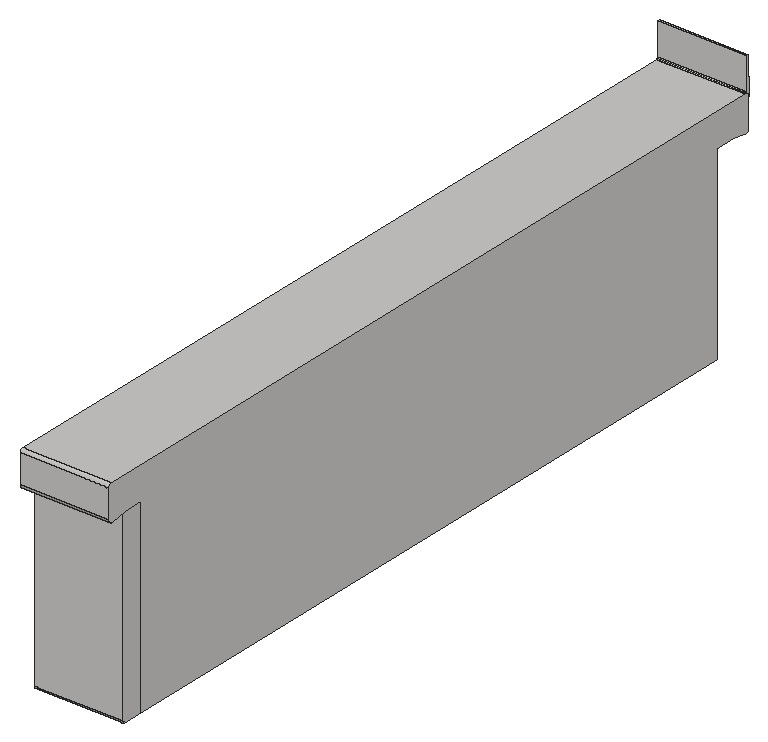
Revit family "QF_ELECTROLUXPROFESSIONAL_589151_MCNABBAOOO", category Specialty Equipment, Revit 2018
Family settings
  Round Connector Dimension = Use Diameter
  Part Type = Normal
  Work Plane-Based = No
  Always vertical = Yes
  Cut with Voids When Loaded = No
  Shared = No
  Room Calculation Point = No
Parameters
  Weight in Pounds = 33
  URL Cutsheet = "www.electrolux.com/professional"
  URL = "www.electrolux.com/professional"
  Type Mark [instance] = ""
  Status [instance] = ""
  Specification by User [instance] = ""
  Specification by Manufacturer = ""
  Serial Number = ""
  Seismic Rating = ""
  SMACNA No = ""
  Revision Code [instance] = ""
  Omniclass Number and Title = ""
  NAFEM Spec ID Number = ""
  Model = "589151"
  Masterspec = ""
  Manufacturer = "ELECTROLUX"
  Item Number [instance] = ""
  Installed By [instance] = ""
  Identify Quantity as Lot [instance] = yes
  Furnished By [instance] = ""
  Foodservice Equipment Identifier [instance] = yes
  Direct Waste Size = 0"
  Description = "WORK TOP,CLOSED,1-S,BACKSPL,100X900X250H"
  CSI MasterFormat = ""
  CSI Master Format = ""
Reference planes
  plane 1 "BACK": y = 0
  plane 2: z = 0
  plane 3 "LEFT": x = 0
  plane 4 "RIGHT": x = 100
  plane 5 "FRONT": y = -900
  plane 6 "TOP": z = 250
  plane 7 "Center Y": x = 50
  plane 8 "Center X": y = -450
  plane 9: z = 288
Forms (mm)
  Extrusion 1, solid, material "QF_Finishes_Stainless Steel"
    sketch origin (0, 50.048, 0) x (0, 1, 0) y (0, 0, 1)
      loop
        line (-95.048, 213) -> (-71.412, 213) -> (-54.743, 210.061)
        arc (-54.743, 210.061) -> (-51.477, 210.936) -> (-50.048, 214) r 4
        line (-50.048, 214) -> (-50.048, 246)
        arc (-50.048, 246) -> (-51.22, 248.828) -> (-54.048, 250) r 4
        line (-54.048, 250) -> (-946.048, 250)
        arc (-946.048, 250) -> (-948.877, 248.828) -> (-950.048, 246) r 4
        line (-950.048, 246) -> (-950.048, 214)
        arc (-950.048, 214) -> (-948.619, 210.936) -> (-945.353, 210.061) r 4
        line (-945.353, 210.061) -> (-928.509, 213) -> (-905.048, 213) -> (-905.048, 0) -> (-95.048, 0) -> (-95.048, 213)
    from 0 to 100
  Extrusion 2, solid, material "QF_Finishes_Stainless Steel"
    sketch origin (0, 50.048, 0) x (0, 1, 0) y (0, 0, 1)
      loop
        arc (-928.048, 213) -> (-929.462, 212.414) -> (-930.048, 211) r 2
        line (-930.048, 211) -> (-930.048, 2)
        arc (-930.048, 2) -> (-929.462, 0.586) -> (-928.048, 0) r 2
        line (-928.048, 0) -> (-905.048, 0) -> (-905.048, 213) -> (-928.048, 213)
    from 0 to 100
  Extrusion 3, solid, material "QF_Finishes_Stainless Steel"
    sketch origin (0, -950.048, 0) x (0, -1, 0) y (0, 0, -1)
      loop
        arc (-948.097, -252.006) -> (-947.511, -250.592) -> (-946.097, -250.006) r 2
        arc (-946.097, -250.006) -> (-948.877, -248.828) -> (-950.048, -246) r 4
        line (-950.048, -246) -> (-950.048, -288.006) -> (-948.097, -288.006) -> (-948.097, -252.006)
    from 0 to 100
Lines and regions (mm)
  symbolic lines
    curve 1: line (0, 0, 0) -> (100, 0, 0)
    curve 2: line (0, -900, 0) -> (0, 0, 0)
    curve 3: line (100, -900, 0) -> (0, -900, 0)
    curve 4: line (100, 0, 0) -> (100, -900, 0)
    curve 5: line (0, -1.951, 0) -> (100, -1.951, 0)
Dimensions and locks
  equal spacing: plane 3 "LEFT", plane 7 "Center Y", plane 4 "RIGHT"
  plane 3 "LEFT" to plane 4 "RIGHT" = 100.00 mm
  equal spacing: plane 5 "FRONT", plane 8 "Center X", plane 1 "BACK"
  plane 5 "FRONT" to plane 1 "BACK" = 900.00 mm
  plane 6 "TOP" to level = 250.00 mm
  plane 9 to level = 288.00 mm
  plane 9 to plane 6 "TOP" = 38.00 mm
  aligned and locked: level to plane 2
  aligned and locked: Extrusion 1 to plane 4 "RIGHT"
  aligned and locked: Extrusion 2 to plane 4 "RIGHT"
  aligned and locked: Extrusion 3 to plane 4 "RIGHT"
Automatic sketch dimensions
  Extrusion 1 sketch curve to plane 5 "FRONT" = 0.00 mm
  Extrusion 1 sketch curve to plane 6 "TOP" = 0.00 mm
  Extrusion 1 sketch curve to level = 0.00 mm
  Extrusion 1 sketch curve to plane 1 "BACK" = 0.00 mm
  Extrusion 1 sketch curve to plane 5 "FRONT" = 4.695 mm
  Extrusion 1 sketch curve to plane 6 "TOP" = 39.939 mm
  Extrusion 1 sketch curve to plane 5 "FRONT" = 4.00 mm  (x2)
  Extrusion 1 sketch curve to Extrusion 1 sketch curve = 16.844 mm
  Extrusion 1 sketch curve to plane 5 "FRONT" = 45.00 mm
  plane 1 "BACK" to Extrusion 1 sketch curve = 45.00 mm
  plane 1 "BACK" to Extrusion 1 sketch curve = 21.364 mm
  plane 1 "BACK" to Extrusion 1 sketch curve = 4.00 mm
  plane 1 "BACK" to Extrusion 1 sketch curve = 4.695 mm
  Extrusion 1 sketch curve to Extrusion 1 sketch curve = 0.00 mm  (x2)
  Extrusion 1 sketch curve to Extrusion 1 sketch curve = 4.00 mm
  Extrusion 1 sketch curve to plane 6 "TOP" = 37.00 mm  (x2)
  Extrusion 1 sketch curve to Extrusion 1 sketch curve = 1.00 mm
  Extrusion 2 sketch curve to level = 0.00 mm
  Extrusion 2 sketch curve to plane 5 "FRONT" = 20.00 mm
  level to Extrusion 2 sketch curve = 2.00 mm
  Extrusion 2 sketch curve to Extrusion 2 sketch curve = 2.00 mm
  Extrusion 2 sketch curve to Extrusion 2 sketch curve = 23.00 mm
  Extrusion 2 sketch curve to plane 6 "TOP" = 39.00 mm
  Extrusion 3 sketch curve to plane 1 "BACK" = 0.00 mm  (x2)
  Extrusion 3 sketch curve to plane 6 "TOP" = 2.006 mm
  Extrusion 3 sketch curve to plane 6 "TOP" = 0.00 mm
  Extrusion 3 sketch curve to plane 9 = 0.006 mm
  Extrusion 3 sketch curve to Extrusion 3 sketch curve = 1.951 mm
  Extrusion 3 sketch curve to Extrusion 3 sketch curve = 2.00 mm
  Extrusion 3 sketch curve to Extrusion 3 sketch curve = 0.049 mm
  Extrusion 3 sketch curve to Extrusion 3 sketch curve = 0.00 mm
  plane 1 "BACK" to curve 1 = 0.00 mm
  curve 1 to plane 3 "LEFT" = 0.00 mm
  curve 1 to plane 4 "RIGHT" = 0.00 mm
  plane 5 "FRONT" to curve 4 = 0.00 mm
  curve 5 to plane 3 "LEFT" = 0.00 mm
  curve 5 to curve 1 = 1.951 mm
